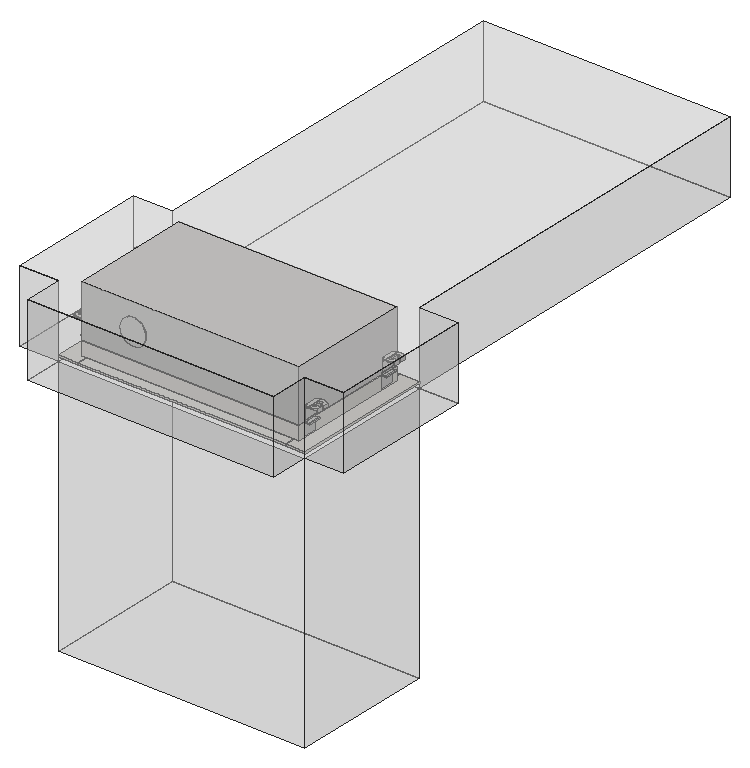
Revit family "outputfile", category 機械設備, Revit 2024
Family settings
  丸型コネクタ寸法 = 半径を使用
  パーツ タイプ = 標準
  OmniClass 番号 = 23.75.10.24.21.27.27
  OmniClass タイトル = Split System Air Conditioning Units
  作業面ベース = いいえ
  常に垂直 = はい
  ロード時にボイドで切り取り = いいえ
  注釈の向きを維持 = いいえ
  共有 = いいえ
  部屋計算ポイント = はい
Parameters (values of type "FXEQ40AV36")
  製造元 = "Daikin"
  書き出し IFC クラス(タイプ) = "IfcUnitaryEquipmentType"
  定義済み IFC タイプ(タイプ) = "AIRCONDITIONINGUNIT"
  モデル = "FXEQ40AV36"
  w_mountinghole = if(Width = 1350 mm, 1303 mm, 903 mm)  # 903 mm
  w_casing = if(Width = 1350 mm, 1240 mm, 840 mm)  # 840 mm
  r_OAduct = OA Duct Size Diameter / 2  # 50 mm
  r_Liquid Pipe Size = Liquid Pipe Size / 2  # 3.2 mm
  r_Gas Pipe Size = Gas Pipe Size / 2  # 6.35 mm
  r_Drain Pipe Size = Drain Pipe Size / 2  # 13.0 mm
  lw_powersuply = w_casing / 2 + 1.5 mm  # 421.5 mm
  lw_gaspipe = w_casing / 2 + 65 mm  # 485 mm
  lw_drainpipe = w_casing / 2 + 32 mm  # 452 mm
  lw_liquidpipe = w_casing / 2 + 55 mm  # 475 mm
  lw_OA = if(Width = 1350 mm, 420 mm, 220 mm)  # 220 mm
  lh_powersuply = 129.2 mm
  lh_liquidpipe = 180 mm
  lh_gaspipe = 138 mm
  lh_drainpipe = 215 mm
  lh_OA = 65 mm
  ld_powersuply = 64.2 mm
  ld_liquidpipe = 26 mm
  ld_gaspipe = 72 mm
  ld_drainpipe = 69 mm
  ld_OA = 235 mm
  h_mountinghole = 115 mm
  h_casing = 255 mm
  h_antenna = h_casing - h_mountinghole + 1 mm  # 141 mm
  d_mountinghole = 371 mm
  d_casing = 470 mm
  Width = 950 mm
  Voltage_comment_50Hz = "220-240"
  Voltage_50Hz = 220 V
  Version = "ver.1.0"
  Unit Type = "Ceiling Mounted Cassette(Single Flow）"
  Unit Mass Weight = 18.00 kg
  Unit Designation [instance] = ""
  Uniclass2015Version = "Products v1.30"
  Uniclass2015Title = "Variable refrigerant flow units"
  Uniclass2015Code = "Pr_70_65_03_94"
  Total Heating Capacity [instance] = 0.000 kW
  Total Cooling Capacity [instance] = 0.000 kW
  Sound Pressure Level_M speed (dBA) = 35
  Sound Pressure Level_L speed (dBA) = 31
  Sound Pressure Level_H speed (dBA) = 38
  Series = "VRV Fan Coil Unit"
  Sensible Cooling Capacity [instance] = 0.000 kW
  Refrigerant Type = "R410A"
  Power Input (Heating) = 0.042 kW
  Power Input (Cooling) = 0.046 kW
  Phase_50Hz = 1
  Option Accessory 3 [instance] = ""
  Option Accessory 2 [instance] = ""
  Option Accessory 1 [instance] = ""
  OA Duct Size Diameter = 100 mm
  Nominal Heating Capacity = 5.000 kW
  Nominal Cooling Capacity = 4.500 kW
  Minimum Circuit Amps_50Hz = 0.5 A
  Minimum Airflow = 372.00 m³/h
  Median Airflow = 468.00 m³/h
  Maximum Fuse Amps_50Hz = 16.0 A
  Maximum Airflow = 588.00 m³/h
  Material_Casing = DAIKIN_GalvanizedSteel_Casing_indoorunit
  Load Classification = HVAC
  Liquid Pipe Size = 6.4 mm
  Link_Nested Family [instance] = ""
  IfcVersion = ""
  IfcExportType = "AIRCONDITIONINGUNIT"
  IfcExportAs = "IfcUnitaryEquipmentType"
  Height = 280 mm
  Heating Entering Wet Bulb Temperature [instance] = 0.00 °C
  Heating Entering Dry Bulb Temperature [instance] = 0.00 °C
  Heating Ambient Wet Bulb Temperature [instance] = 0.00 °C
  Heating Ambient Dry Bulb Temperature [instance] = 0.00 °C
  Heat Exchanger Type = "Cross Fin Coil"
  Gas Pipe Size = 12.7 mm
  Frequency_50Hz = 50 Hz
  Fan Type = "Sirocco Fan"
  Fan Drive = "Direct Drive"
  FCU Tag No. [instance] = ""
  Drain Pipe Size = 26.0 mm
  Design Supply Airflow [instance] = 0.00 m³/h
  Design Outdoor Airflow [instance] = 0.00 m³/h
  Depth = 550 mm
  既定の高さ = 0 mm
  Cooling Entering Wet Bulb Temperature [instance] = 0.00 °C
  Cooling Entering Dry Bulb Temperature [instance] = 0.00 °C
  Cooling Ambient Wet Bulb Temperature [instance] = 0.00 °C
  Cooling Ambient Dry Bulb Temperature [instance] = 0.00 °C
  Clearance visibility [instance] = yes
  Clearance Top = 0 mm
  Clearance Right = 150 mm
  Clearance Rear = 1500 mm
  Clearance Left = 150 mm
  Clearance Front = 150 mm
  Clearance Bottom = 1000 mm
Reference planes
  plane 1 "Center (Front/Back)": y = 0
  plane 2 "ceiling plane": z = 0
  plane 3 "Center (Left/Right)": x = 0
  plane 4 "Back": y = 275
  plane 5 "Front": y = -275
  plane 6 "Left": x = -475
  plane 7 "Right": x = 475
  plane 8 "Top": z = 255
  plane 9 "Bottom": z = -25
  plane 10: x = -420
  plane 11: x = 420
  plane 12: y = 235
  plane 13: y = -235
  plane 14: x = 170
  plane 15: y = 185.5
  plane 16: y = -185.5
  plane 17: x = -451.5
  plane 18: x = 451.5
  plane 19: y = 26
  plane 20: y = 72
  plane 21: y = 69
  plane 22: x = -475
  plane 23: x = -485
  plane 24: x = -452
  plane 25 "Clearance Rear": y = 1775
  plane 26 "Clearance Front": y = -425
  plane 27 "Clearance Left": x = -625
  plane 28 "Clearance Right": x = 625
  plane 29 "Clearance Top": z = 255
  plane 30 "Clearance Bottom": z = -1025
  plane 31: y = -64.2
  plane 32: z = 190
  plane 33: z = 215
  plane 34: y = 69
  plane 35: z = 180
  plane 36: y = 26
  plane 37: z = 138
  plane 38: y = 72
  plane 39: x = -220
Forms (mm)
  Extrusion 1, solid, material "DAIKIN_GalvanizedSteel_Casing_indoorunit" <- "Material_Casing"
    sketch origin (0, 0, 0) x (1, 0, 0) y (0, 1, 0)
      loop
        line (-420, 235) -> (-420, -235) -> (420, -235) -> (420, 235) -> (-420, 235)
    from 55 to 255
  Extrusion 2, solid, material "DAIKIN_GalvanizedSteel_Casing_indoorunit" <- "Material_Casing"
    sketch origin (-1374.64, 235, 1200) x (-1, 0, 0) y (0, 0, 1)
      loop
        circle (-1154.64, -1048) r 50
    from -465 to -470
  Extrusion 3, solid, material "DAIKIN_GalvanizedSteel_Casing_indoorunit" <- "Material_Casing"
    sketch origin (-420, 1296.25, 1200) x (0, 1, 0) y (0, 0, 1)
      loop
        line (-1243.249, -1006) -> (-1211.249, -1006)
        arc (-1211.249, -1006) -> (-1207.714, -1004.536) -> (-1206.249, -1001) r 5
        line (-1206.249, -1001) -> (-1206.249, -969)
        arc (-1206.249, -969) -> (-1207.714, -965.464) -> (-1211.249, -964) r 5
        line (-1211.249, -964) -> (-1243.249, -964)
        arc (-1243.249, -964) -> (-1246.785, -965.464) -> (-1248.249, -969) r 5
        line (-1248.249, -969) -> (-1248.249, -1001)
        arc (-1248.249, -1001) -> (-1246.785, -1004.536) -> (-1243.249, -1006) r 5
    from 0 to -3
  Extrusion 4, solid, material "DAIKIN_GalvanizedSteel_Casing_indoorunit" <- "Material_Casing"
    sketch origin (0, 0, 0) x (1, 0, 0) y (0, 0, 1)
      loop
        line (-438.5, 45) -> (-439.7, 45) -> (-439.7, 30.5)
        arc (-439.7, 30.5) -> (-439.202, 29.298) -> (-438, 28.8) r 1.7
        line (-438, 28.8) -> (-420, 28.8) -> (-420, 30) -> (-438.5, 30) -> (-438.5, 45)
    from 40 to 90
  Extrusion 5, solid, material "DAIKIN_GalvanizedSteel_Casing_indoorunit" <- "Material_Casing"
    sketch origin (0, 0, 0) x (1, 0, 0) y (0, 0, 1)
      loop
        line (-438.5, 31) -> (-437.5, 31) -> (-437.5, 90.772)
        arc (-437.5, 90.772) -> (-437.145, 91.289) -> (-436.535, 91.145) r 0.555
        line (-436.535, 91.145) -> (-428.37, 82.164) -> (-427.63, 82.836) -> (-428.303, 83.576) -> (-435.89, 91.922)
        arc (-435.89, 91.922) -> (-437.541, 92.312) -> (-438.5, 90.913) r 1.5
        line (-438.5, 90.913) -> (-438.5, 31)
    from 40 to 90
  Extrusion 6, solid, material "DAIKIN_GalvanizedSteel_Casing_indoorunit" <- "Material_Casing"
    sketch origin (-420, 1296.25, 1200) x (0, 1, 0) y (0, 0, 1)
      loop
        circle (-1360.45, -1070.8) r 17.5
      loop
        circle (-1415.45, -1105.8) r 17.5
    from 0 to -1.5
  Extrusion 7, solid
    sketch origin (-265.5, 334.5, 0) x (0, 1, 0) y (0, 0, 1)
      loop
        circle (-265.5, 215) r 13
    from -154.5 to -186.5
  Extrusion 8, solid
    sketch origin (-420, 1296.25, 1200) x (0, 1, 0) y (0, 0, 1)
      loop
        circle (-1270.25, -1020) r 3.2
    from 0 to -55
  Extrusion 9, solid
    sketch origin (7, 137, 0) x (0, 1, 0) y (0, 0, 1)
      loop
        circle (-65, 138) r 6.35
    from -427 to -492
  Extrusion 10, solid, material "DAIKIN_GalvanizedSteel_Casing_indoorunit" <- "Material_Casing"
    sketch origin (-420, 1296.25, 1200) x (0, 1, 0) y (0, 0, 1)
      loop
        line (-1239.914, -1060.321) -> (-1240.938, -1060.321)
        arc (-1240.938, -1060.321) -> (-1241.786, -1060.672) -> (-1242.138, -1061.521) r 1.2
        line (-1242.138, -1061.521) -> (-1242.138, -1062.819) -> (-1250.138, -1062.821) -> (-1250.138, -1017.143)
        arc (-1250.138, -1017.143) -> (-1250.43, -1016.436) -> (-1251.138, -1016.143) r 1
        line (-1251.138, -1016.143) -> (-1257.415, -1016.143)
        arc (-1257.415, -1016.143) -> (-1258.122, -1016.436) -> (-1258.415, -1017.143) r 1
        line (-1258.415, -1017.143) -> (-1258.415, -1020)
        arc (-1258.415, -1020) -> (-1270.25, -1031.835) -> (-1282.086, -1020) r 11.835
        line (-1282.086, -1020) -> (-1282.086, -1017.143)
        arc (-1282.086, -1017.143) -> (-1282.379, -1016.436) -> (-1283.086, -1016.143) r 1
        line (-1283.086, -1016.143) -> (-1306.138, -1016.143)
        arc (-1306.138, -1016.143) -> (-1308.259, -1017.022) -> (-1309.138, -1019.143) r 3
        line (-1309.138, -1019.143) -> (-1309.138, -1145) -> (-1189.638, -1145) -> (-1189.638, -1063.321)
        arc (-1189.638, -1063.321) -> (-1190.516, -1061.199) -> (-1192.638, -1060.321) r 3
        line (-1192.638, -1060.321) -> (-1209.75, -1060.321) -> (-1209.75, -1062)
        arc (-1209.75, -1062) -> (-1224.485, -1076.498) -> (-1238.743, -1061.53) r 14.5
        arc (-1238.743, -1061.53) -> (-1239.072, -1060.677) -> (-1239.914, -1060.321) r 1.172
    from 0 to -1
Dimensions and locks
  "Width": plane 6 "Left" to plane 7 "Right"
  "Depth": plane 4 "Back" to plane 5 "Front"
  "Height": plane 8 "Top" to plane 9 "Bottom"
  equal spacing: plane 12, plane 1 "Center (Front/Back)", plane 13
  "d_casing": plane 12 to plane 13
  equal spacing: plane 6 "Left", plane 3 "Center (Left/Right)", plane 7 "Right"
  "w_casing": plane 10 to plane 11
  locked: plane 14 to plane 11 at 250
  "h_casing": plane 8 "Top" to level
  equal spacing: plane 15, plane 1 "Center (Front/Back)", plane 16
  "d_mountinghole": plane 15 to plane 16
  equal spacing: plane 17, plane 3 "Center (Left/Right)", plane 18
  "w_mountinghole": plane 17 to plane 18
  "ld_liquidpipe": plane 1 "Center (Front/Back)" to plane 19
  "ld_gaspipe": plane 1 "Center (Front/Back)" to plane 20
  "ld_drainpipe": plane 1 "Center (Front/Back)" to plane 21
  "Clearance Left": plane 27 "Clearance Left" to plane 6 "Left"
  "Clearance Right": plane 7 "Right" to plane 28 "Clearance Right"
  "Clearance Front": plane 5 "Front" to plane 26 "Clearance Front"
  "Clearance Rear": plane 25 "Clearance Rear" to plane 4 "Back"
  "Clearance Top": plane 29 "Clearance Top" to plane 8 "Top"
  "Clearance Bottom": plane 9 "Bottom" to plane 30 "Clearance Bottom"
  "lh_OA": plane 29 "Clearance Top" to plane 32
  equal spacing: plane 4 "Back", plane 1 "Center (Front/Back)", plane 5 "Front"
  equal spacing: plane 10, plane 3 "Center (Left/Right)", plane 11
  "lw_OA": plane 3 "Center (Left/Right)" to Extrusion 2 sketch curve
  Extrusion 2 sketch curve to level = 152 mm
  locked: plane 10 to Extrusion 4 sketch curve at 18.5
  locked: Extrusion 4 sketch curve to Extrusion 4 sketch curve at 1.2
  locked: Extrusion 4 to Extrusion 5 sketch curve at 1
  "ld_powersuply": plane 31 to plane 1 "Center (Front/Back)"
  "lw_drainpipe": plane 24 to plane 3 "Center (Left/Right)"
  "ld_drainpipe": plane 34 to plane 1 "Center (Front/Back)"
  locked: Extrusion 7 sketch curve to level at 215
  "lw_liquidpipe": plane 22 to plane 3 "Center (Left/Right)"
  "lw_gaspipe": plane 23 to plane 3 "Center (Left/Right)"
  "lw_OA": plane 39 to plane 3 "Center (Left/Right)"
  "r_Drain Pipe Size": radius of Extrusion 7 sketch curve
  "r_Liquid Pipe Size": radius of Extrusion 8 sketch curve
  "r_Gas Pipe Size": radius of Extrusion 9 sketch curve
  aligned and locked: level to plane 2 "ceiling plane"
  aligned and locked: plane 6 "Left" to nested 1
  aligned and locked: plane 9 "Bottom" to nested 1
  aligned and locked: Extrusion 1 sketch curve to plane 10
  aligned and locked: plane 12 to Extrusion 1 sketch curve
  aligned and locked: Extrusion 1 sketch curve to plane 13
  aligned and locked: plane 11 to Extrusion 1 sketch curve
  aligned and locked: plane 8 "Top" to Extrusion 1
  aligned and locked: plane 11 to nested 2
  aligned and locked: plane 10 to nested 3
  aligned and locked: nested 7 to plane 15
  aligned and locked: plane 18 to nested 7
  aligned and locked: nested 6 to plane 16
  aligned and locked: plane 18 to nested 6
  aligned and locked: nested 4 to plane 15
  aligned and locked: plane 17 to nested 4
  aligned and locked: nested 5 to plane 16
  aligned and locked: plane 17 to nested 5
  aligned and locked: plane 1 "Center (Front/Back)" to nested 8
  aligned and locked: plane 3 "Center (Left/Right)" to nested 8
  aligned and locked: plane 29 "Clearance Top" to nested 8
  aligned and locked: plane 1 "Center (Front/Back)" to nested 1
  aligned and locked: plane 3 "Center (Left/Right)" to nested 1
  aligned and locked: nested 3 to plane 15
  aligned and locked: nested 9 to plane 16
  aligned and locked: plane 10 to nested 9
  aligned and locked: plane 15 to nested 2
  aligned and locked: plane 16 to nested 10
  aligned and locked: plane 11 to nested 10
  aligned and locked: Extrusion 2 to plane 13
  aligned and locked: Extrusion 4 sketch curve to plane 10
  aligned and locked: Extrusion 4 to Extrusion 5 sketch curve
  aligned and locked: plane 3 "Center (Left/Right)" to nested 11
  aligned and locked: nested 12 to plane 3 "Center (Left/Right)"
  aligned and locked: plane 34 to Extrusion 7 sketch curve
  aligned and locked: Extrusion 7 to plane 24
  aligned and locked: plane 10 to Extrusion 7
  aligned and locked: nested 13 to plane 19
  aligned and locked: nested 13 to plane 3 "Center (Left/Right)"
  aligned and locked: plane 35 to Extrusion 8 sketch curve
  aligned and locked: plane 36 to Extrusion 8 sketch curve
  aligned and locked: Extrusion 8 to plane 22
  aligned and locked: nested 14 to plane 3 "Center (Left/Right)"
  aligned and locked: plane 37 to Extrusion 9 sketch curve
  aligned and locked: plane 38 to Extrusion 9 sketch curve
  aligned and locked: Extrusion 9 to plane 23
  aligned and locked: plane 10 to Extrusion 9
  aligned and locked: plane 39 to nested 15
  aligned and locked: plane 1 "Center (Front/Back)" to nested 15
Automatic sketch dimensions
  Extrusion 3 sketch curve to plane 1 "Center (Front/Back)" = 48.001 mm
  Extrusion 3 sketch curve to Extrusion 3 sketch curve = 5 mm  (x3)
  plane 32 to Extrusion 3 sketch curve = 4 mm
  Extrusion 3 sketch curve to Extrusion 3 sketch curve = 32 mm
  Extrusion 3 sketch curve to Extrusion 3 sketch curve = 0 mm
  Extrusion 3 sketch curve to plane 8 "Top" = 24 mm
  plane 17 to Extrusion 4 sketch curve = 13.5 mm
  level to Extrusion 4 sketch curve = 28.8 mm
  Extrusion 4 sketch curve to Extrusion 4 sketch curve = 0.5 mm
  Extrusion 4 sketch curve to Extrusion 4 sketch curve = 14.5 mm
  Extrusion 5 sketch curve to Extrusion 5 sketch curve = 0.5 mm
  Extrusion 5 sketch curve to Extrusion 5 sketch curve = 0.055 mm
  Extrusion 5 sketch curve to Extrusion 5 sketch curve = 0.465 mm
  Extrusion 5 sketch curve to Extrusion 5 sketch curve = 0.645 mm
  Extrusion 5 sketch curve to plane 10 = 8.37 mm
  Extrusion 5 sketch curve to Extrusion 5 sketch curve = 0.067 mm
  Extrusion 5 sketch curve to Extrusion 5 sketch curve = 0.673 mm  (x2)
  level to Extrusion 5 sketch curve = 31 mm
  Extrusion 5 sketch curve to Extrusion 5 sketch curve = 51.164 mm
  Extrusion 5 sketch curve to Extrusion 5 sketch curve = 0.74 mm
  Extrusion 5 sketch curve to Extrusion 5 sketch curve = 0.141 mm
  Extrusion 10 sketch curve to plane 19 = 0 mm
  Extrusion 10 sketch curve to plane 20 = 0 mm
  Extrusion 10 sketch curve to Extrusion 10 sketch curve = 11.835 mm
  Extrusion 10 sketch curve to Extrusion 10 sketch curve = 1 mm  (x2)
  Extrusion 10 sketch curve to plane 32 = 6.143 mm
  plane 1 "Center (Front/Back)" to Extrusion 10 sketch curve = 9.887 mm
  plane 1 "Center (Front/Back)" to Extrusion 10 sketch curve = 12.887 mm
  Extrusion 10 sketch curve to Extrusion 10 sketch curve = 6.277 mm
  plane 19 to Extrusion 10 sketch curve = 20.113 mm
  Extrusion 10 sketch curve to Extrusion 10 sketch curve = 8 mm
  Extrusion 10 sketch curve to Extrusion 10 sketch curve = 1.2 mm
  Extrusion 10 sketch curve to Extrusion 10 sketch curve = 1.024 mm
  Extrusion 10 sketch curve to Extrusion 10 sketch curve = 0 mm  (x3)
  plane 20 to Extrusion 10 sketch curve = 14.5 mm
  Extrusion 10 sketch curve to Extrusion 10 sketch curve = 17.113 mm
  Extrusion 10 sketch curve to Extrusion 10 sketch curve = 3 mm
  Extrusion 10 sketch curve to plane 32 = 10 mm
  Extrusion 10 sketch curve to Extrusion 10 sketch curve = 40.321 mm
  Extrusion 10 sketch curve to Extrusion 10 sketch curve = 1.172 mm
  Extrusion 10 sketch curve to Extrusion 10 sketch curve = 1.679 mm
  Extrusion 10 sketch curve to Extrusion 10 sketch curve = 1.298 mm
  Extrusion 10 sketch curve to Extrusion 10 sketch curve = 0.002 mm
  level to Extrusion 10 sketch curve = 55 mm
  Extrusion 10 sketch curve to Extrusion 10 sketch curve = 2.857 mm
  radius of Extrusion 2 sketch curve = 50 mm
Nested families
  nested 1: "daikin_round flow_panel" at (0, 0, 0), type "fresh white"
  nested 2: "daikin_hangerfixture_FXEQ-AV36" at (420, 185.5, 115) x (0, 1, 0) z (0, 0, 1), built-in parameter 1001364 <- "h_mountinghole", type "daikin_hangerfixture_FXEQ-AV36"
  nested 3: "daikin_hangerfixture_FXEQ-AV36" at (-420, 185.5, 115) x (0, 1, 0) z (0, 0, 1), built-in parameter 1001364 <- "h_mountinghole", type "daikin_hangerfixture_FXEQ-AV36"
  nested 4: "daikin_mountinghole" at (-451.5, 185.5, 0), l_antenna <- "h_antenna", Link_Nested Family <- "Link_Nested Family", h_mountinghole <- "h_mountinghole", type "daikin_mountinghole"
    with show yes, l_antenna 141 mm, h_mountinghole 115 mm, Link_Nested Family ""
  nested 5: "daikin_mountinghole" at (-451.5, -185.5, 0), l_antenna <- "h_antenna", Link_Nested Family <- "Link_Nested Family", h_mountinghole <- "h_mountinghole", type "daikin_mountinghole"
    with show yes, l_antenna 141 mm, h_mountinghole 115 mm, Link_Nested Family ""
  nested 6: "daikin_mountinghole" at (451.5, -185.5, 0), l_antenna <- "h_antenna", Link_Nested Family <- "Link_Nested Family", h_mountinghole <- "h_mountinghole", type "daikin_mountinghole"
    with show yes, l_antenna 141 mm, h_mountinghole 115 mm, Link_Nested Family ""
  nested 7: "daikin_mountinghole" at (451.5, 185.5, 0), l_antenna <- "h_antenna", Link_Nested Family <- "Link_Nested Family", h_mountinghole <- "h_mountinghole", type "daikin_mountinghole"
    with show yes, l_antenna 141 mm, h_mountinghole 115 mm, Link_Nested Family ""
  nested 8: "daikin_clearancespace_cassette" at (0, 0, 115), depth_outline <- "Depth", height_outline <- "Height", width_outline <- "Width", depth_front <- "Clearance Front", depth_rear <- "Clearance Rear", height_bottom <- "Clearance Bottom", height_top <- "Clearance Top", width_left <- "Clearance Left", width_right <- "Clearance Right", show <- "Clearance visibility", visible <- "Clearance visibility", Link_Nested Family <- "Link_Nested Family", type "daikin_clearancespace_cassette"
    with width_right 150 mm, width_outline 950 mm, width_left 150 mm, width 1823.963 mm, show yes, height_top 0 mm, height_outline 280 mm, height_bottom 1000 mm, height 1359.762 mm, depth_rear 1500 mm, depth_outline 550 mm, depth_front 150 mm, depth 880 mm, Link_Nested Family ""
  nested 9: "daikin_hangerfixture_FXEQ-AV36" at (-420, -185.5, 115) x (0, 1, 0) z (0, 0, 1), built-in parameter 1001364 <- "h_mountinghole", type "daikin_hangerfixture_FXEQ-AV36"
  nested 10: "daikin_hangerfixture_FXEQ-AV36" at (420, -185.5, 115) x (0, 1, 0) z (0, 0, 1), built-in parameter 1001364 <- "h_mountinghole", type "daikin_hangerfixture_FXEQ-AV36"
  nested 11: "daikin_connector_rotate2" at (0, -64.2, 129.2) x (0, 1, 0) z (0, 0, 1), length <- "lw_powersuply", built-in parameter 1001364 <- "lh_powersuply", type "daikin_connector_rotate2"
    with radius 10 mm, length 421.5 mm, angle_vertical 90.00°
  nested 12: "daikin_connector_rotate2" at (0, 69, 215) x (0, -1, 0) z (0, 0, 1), built-in parameter 1001364 <- "lh_drainpipe", radius <- "r_Drain Pipe Size", length <- "lw_drainpipe", type "daikin_connector_rotate2"
    with radius 13 mm, length 452 mm, angle_vertical 90.00°
  nested 13: "daikin_connector_rotate2" at (0, 26, 180) x (0, -1, 0) z (0, 0, 1), built-in parameter 1001364 <- "lh_liquidpipe", radius <- "r_Liquid Pipe Size", length <- "lw_liquidpipe", type "daikin_connector_rotate2"
    with radius 3.2 mm, length 475 mm, angle_vertical 90.00°
  nested 14: "daikin_connector_rotate2" at (0, 72, 138) x (0, -1, 0) z (0, 0, 1), built-in parameter 1001364 <- "lh_gaspipe", radius <- "r_Gas Pipe Size", length <- "lw_gaspipe", type "daikin_connector_rotate2"
    with radius 6.35 mm, length 485 mm, angle_vertical 90.00°
  nested 15: "daikin_connector_rotate2" at (-220, 0, 152), radius <- "r_OAduct", length <- "ld_OA", type "daikin_connector_rotate2"
    with radius 50 mm, length 235 mm, angle_vertical 90.00°
Connectors
  electrical at (-421.5, -64.2, 129.2), driven by "Load Classification"
    settings: on nested 11, index 6, voltage 0 V, apparent load 0 VA, apparent load phase1 0 VA, apparent load phase2 0 VA, apparent load phase3 0 VA, power factor 1, load classification "HVAC", number of poles 1, system type 30, power factor state 1, is connector primary yes, connector utility no, sub classification motor no, connector description "Power Supply"
  piping at (-452, 69, 215), diameter 26, driven by "r_Drain Pipe Size"
    settings: on nested 12, index 7, connector inside diameter 609.6 mm, connector length 0 mm, flow factor 0, pipe flow 0.00 m³/h, pressure drop 0.0 Pa, fitting loss kfactor 0, connector angle 0.00°, fixture units 0, engagement length 0 mm, angle of deflection 0.00°, flow configuration 1, flow direction 2, fitting loss method 4, system type 16, joint type 0, gender type 0, connector reference index -1, connector utility 0, adjustable connector no, is connector primary yes, connector description "Condensate Drain Piping"
  piping at (-475, 26, 180), diameter 6.4, driven by "r_Liquid Pipe Size"
    settings: on nested 13, index 8, connector inside diameter 609.6 mm, connector length 0 mm, flow factor 0, pipe flow 0.00 m³/h, pressure drop 0.0 Pa, fitting loss kfactor 0, connector angle 0.00°, fixture units 0, engagement length 0 mm, angle of deflection 0.00°, flow configuration 1, flow direction 1, fitting loss method 0, system type 29, joint type 0, gender type 0, connector reference index -1, connector utility 0, adjustable connector no, is connector primary no, connector description "Refrigerant Liquid Piping"
  hvac at (-220, -235, 152), driven by "r_OAduct"
    settings: on Extrusion 2, index 9, duct flow 0.00 m³/h, flow factor 0, pres drop 0.00 Pa, loss coef 0, conn angle 0.00°, conn width 304.8 mm, conn height 304.8 mm, conn diameter 100.0 mm, duct sys type 1, conn prof type 0, flow config 0, flow direction 1, loss method 4, conn ref index -1, conn util no, is conn primary yes, conn desc "OA Duct"
  piping at (-485, 72, 138), diameter 12.7, driven by "r_Gas Pipe Size"
    settings: on nested 14, index 10, connector inside diameter 609.6 mm, connector length 0 mm, flow factor 0, pipe flow 0.00 m³/h, pressure drop 0.0 Pa, fitting loss kfactor 0, connector angle 0.00°, fixture units 0, engagement length 0 mm, angle of deflection 0.00°, flow configuration 1, flow direction 2, fitting loss method 0, system type 29, joint type 0, gender type 0, connector reference index -1, connector utility 0, adjustable connector no, is connector primary no, connector description "Refrigerant Gas Piping"
Definition of nested family "daikin_round flow_panel"
  Parameters (values of type "fresh white")
    width = if(W = 950 mm, 950 mm, 1350 mm)  # 950 mm
    w_casing = width - 110 mm  # 840 mm
    material_panel = none
    material_casing = none
    height = 50 mm
    depth = 550 mm  # constant formula
    d_casing = 470 mm  # constant formula
    W = 950 mm
    Default Elevation = 0 mm
    L = if(W = 950 mm, 170 mm, 208 mm)  # 170 mm
  Reference planes
    plane 1 "Center (Front/Back)": y = 0
    plane 2: z = 0
    plane 3 "Center (Left/Right)": x = 0
    plane 4: y = 275
    plane 5: y = -275
    plane 6: x = -475
    plane 7: x = 475
    plane 8 "Bottom": z = -25
    plane 9: y = 235
    plane 10: y = -235
    plane 11: x = -420
    plane 12: x = 420
    plane 13: z = 50
    plane 14: x = -305
  Forms (mm)
    Extrusion 1, solid, material <- "material_panel"
      sketch origin (0, 0, 0) x (1, 0, 0) y (0, 0, 1)
        loop
          line (-400, -25) -> (-400, 0) -> (-475, 0) -> (-475, -8.325)
          arc (-475, -8.325) -> (-438.157, -19.618) -> (-400, -25) r 245.193
        loop
          arc (400, -25) -> (438.157, -19.618) -> (475, -8.325) r 245.193
          line (475, -8.325) -> (475, 0) -> (400, 0) -> (400, -25)
      from -275 to 275
    Extrusion 2, solid, material <- "material_panel"
      sketch origin (0, 0, 0) x (1, 0, 0) y (0, 0, 1)
        loop
          line (-400, 0) -> (-400, -17.308) -> (400, -17.303) -> (400, 0) -> (-400, 0)
      from 235 to 275
    Extrusion 3, solid, material <- "material_panel"
      sketch origin (0, 510, 0) x (1, 0, 0) y (0, 0, 1)
        loop
          line (-400, 0) -> (-400, -17.308) -> (400, -17.303) -> (400, 0) -> (-400, 0)
      from 235 to 275
    Extrusion 4, solid, material <- "material_panel"
      sketch origin (0, 0, 0) x (1, 0, 0) y (0, 0, 1)
        loop
          line (-400, 0) -> (-400, -23) -> (400, -23) -> (400, 0) -> (-400, 0)
      from 5 to 235
    Extrusion 5, solid, material <- "material_panel"
      sketch origin (0, 0, 0) x (1, 0, 0) y (0, 0, 1)
        loop
          line (-400, 0) -> (-400, -25) -> (400, -25) -> (400, 0) -> (-400, 0)
      from 5 to -150
    Extrusion 6, solid, material <- "material_panel"
      sketch origin (0, 0, 0) x (1, 0, 0) y (0, 1, 0)
        loop
          line (-400, 235) -> (-400, 179) -> (-305, 179) -> (-305, 235) -> (-400, 235)
      from 0 to -17.308
    Extrusion 7, solid, material <- "material_panel"
      sketch origin (0, 0, 0) x (1, 0, 0) y (0, 1, 0)
        loop
          line (-400, 179) -> (-400, 150) -> (-305, 150) -> (-305, 179) -> (-400, 179)
      from 0 to -17.3
    Extrusion 8, solid, material <- "material_panel"
      sketch origin (0, 0, 0) x (1, 0, 0) y (0, 1, 0)
        loop
          line (-305, 235) -> (-305, 202.5) -> (400, 202.5) -> (400, 235) -> (-305, 235)
      from 0 to -17.3
    Extrusion 9, solid, material <- "material_panel"
      sketch origin (0, 0, 0) x (1, 0, 0) y (0, 1, 0)
        loop
          line (-305, 202.5) -> (-305, 179) -> (400, 179) -> (400, 202.5) -> (-305, 202.5)
      from 0 to -17.3
    Extrusion 10, solid, material <- "material_panel"
      sketch origin (0, 0, 0) x (1, 0, 0) y (0, 1, 0)
        loop
          line (-420, 235) -> (-420, -235) -> (420, -235) -> (420, 235) -> (-420, 235)
      from 0 to 50
    Extrusion 11, void
      sketch origin (0, 0, 0) x (0, 1, 0) y (0, 0, 1)
        loop
          line (-275, -7.476) -> (-275, -25) -> (-152.477, -25)
          arc (-152.477, -25) -> (-214.362, -20.597) -> (-275, -7.476) r 437.093
        loop
          arc (275, -7.476) -> (214.362, -20.597) -> (152.477, -25) r 437.093
          line (152.477, -25) -> (275, -25) -> (275, -7.476)
      from 475 to -475
  Cuts and joins
    Extrusion 11 cuts Extrusion 2
    Extrusion 11 cuts Extrusion 3
    Extrusion 11 cuts Extrusion 4
    Extrusion 11 cuts Extrusion 1
  Dimensions and locks
    "width": plane 6 to plane 7
    "depth": plane 4 to plane 5
    equal spacing: plane 6, plane 3 "Center (Left/Right)", plane 7
    equal spacing: plane 4, plane 1 "Center (Front/Back)", plane 5
    equal spacing: plane 9, plane 1 "Center (Front/Back)", plane 10
    "d_casing": plane 9 to plane 10
    equal spacing: plane 11, plane 3 "Center (Left/Right)", plane 12
    "w_casing": plane 11 to plane 12
    locked: level to plane 8 "Bottom" at 25
    "height": plane 13 to level
    locked: Extrusion 1 sketch curve to Extrusion 1 sketch curve at 75  (x2)
    locked: plane 9 to Extrusion 6 sketch curve at 56
    "L": plane 6 to plane 14
    aligned and locked: level to plane 2
    aligned and locked: Extrusion 1 sketch curve to level
    aligned and locked: level to Extrusion 1 sketch curve
    aligned and locked: plane 4 to Extrusion 1
    aligned and locked: Extrusion 1 to plane 5
    aligned and locked: Extrusion 1 to plane 6
    aligned and locked: plane 7 to Extrusion 1
    aligned and locked: Extrusion 2 sketch curve to level
    aligned and locked: Extrusion 1 to Extrusion 2 sketch curve
    aligned and locked: Extrusion 2 sketch curve to Extrusion 1
    aligned and locked: plane 4 to Extrusion 3
    aligned and locked: Extrusion 3 to plane 9
    aligned and locked: Extrusion 4 sketch curve to Extrusion 1
    aligned and locked: Extrusion 1 to Extrusion 4 sketch curve
    aligned and locked: Extrusion 4 to plane 10
    aligned and locked: Extrusion 5 sketch curve to level
    aligned and locked: plane 8 "Bottom" to Extrusion 5 sketch curve
    aligned and locked: Extrusion 5 sketch curve to Extrusion 1  (x2)
    aligned and locked: Extrusion 6 sketch curve to plane 9
    aligned and locked: Extrusion 1 to Extrusion 7 sketch curve
    aligned and locked: Extrusion 7 sketch curve to plane 14
    aligned and locked: Extrusion 6 to Extrusion 7 sketch curve
    aligned and locked: Extrusion 5 to Extrusion 7 sketch curve
    aligned and locked: Extrusion 8 sketch curve to plane 9
    aligned and locked: plane 14 to Extrusion 8 sketch curve
    aligned and locked: Extrusion 1 to Extrusion 8 sketch curve
    aligned and locked: plane 14 to Extrusion 9 sketch curve
    aligned and locked: Extrusion 9 sketch curve to Extrusion 8
    aligned and locked: Extrusion 9 sketch curve to Extrusion 7
    aligned and locked: Extrusion 1 to Extrusion 9 sketch curve
    aligned and locked: plane 14 to Extrusion 6
    aligned and locked: plane 11 to Extrusion 10 sketch curve
    aligned and locked: Extrusion 10 sketch curve to plane 12
    aligned and locked: plane 10 to Extrusion 10 sketch curve
    aligned and locked: Extrusion 10 sketch curve to plane 9
    aligned and locked: plane 13 to Extrusion 10
    aligned and locked: plane 8 "Bottom" to Extrusion 1 sketch curve  (x2)
    aligned and locked: Extrusion 11 sketch curve to plane 8 "Bottom"
    aligned and locked: Extrusion 11 sketch curve to plane 5
    aligned and locked: plane 7 to Extrusion 11
    aligned and locked: Extrusion 11 to plane 6
  Automatic sketch dimensions
    Extrusion 1 sketch curve to plane 6 = 0 mm
    Extrusion 1 sketch curve to plane 7 = 0 mm
    plane 11 to Extrusion 1 sketch curve = 35.058 mm
    Extrusion 1 sketch curve to plane 12 = 35.058 mm
    Extrusion 1 sketch curve to level = 8.325 mm  (x2)
    plane 8 "Bottom" to Extrusion 2 sketch curve = 7.697 mm
    plane 8 "Bottom" to Extrusion 2 sketch curve = 7.692 mm
    Extrusion 3 sketch curve to level = 0 mm
    plane 8 "Bottom" to Extrusion 3 sketch curve = 7.692 mm
    plane 11 to Extrusion 3 sketch curve = 20 mm
    plane 8 "Bottom" to Extrusion 3 sketch curve = 7.697 mm
    Extrusion 3 sketch curve to plane 12 = 20 mm
    Extrusion 4 sketch curve to level = 0 mm
    plane 8 "Bottom" to Extrusion 4 sketch curve = 2 mm
    plane 11 to Extrusion 6 sketch curve = 20 mm
    Extrusion 6 sketch curve to Extrusion 6 sketch curve = 95 mm
    Extrusion 8 sketch curve to plane 9 = 32.5 mm
    Extrusion 11 sketch curve to plane 8 "Bottom" = 0 mm
    Extrusion 11 sketch curve to plane 4 = 0 mm
    plane 10 to Extrusion 11 sketch curve = 82.523 mm
    Extrusion 11 sketch curve to plane 9 = 82.523 mm
    Extrusion 11 sketch curve to level = 7.476 mm  (x2)
Definition of nested family "daikin_hangerfixture_FXEQ-AV36"
  Parameters (values of type "daikin_hangerfixture_FXEQ-AV36")
    width = 495 mm
    material = none
    height = 40 mm
    depth = 40 mm
    Default Elevation = 0 mm
  Reference planes
    plane 1 "Center (Front/Back)": y = 0
    plane 2: z = 0
    plane 3 "Center (Left/Right)": x = 0
  Forms (mm)
    Extrusion 1, solid, material <- "material"
      sketch origin (0, 0, 0) x (0, 1, 0) y (0, 0, 1)
        loop
          line (-49.5, -1.6) -> (-17, -1.6) -> (-14, -4.6) -> (-4.6, -4.6) -> (-4.6, -51.598) -> (-1.601, -54.597) -> (-1.6, -60) -> (-17, -60) -> (-17, -61.598) -> (0, -61.598) -> (0, 0) -> (-51.1, 0) -> (-51.1, -11.6) -> (-49.5, -11.6) -> (-49.5, -1.6)
      from -32.001 to 31.999
    Extrusion 2, void
      sketch origin (0, 0, 0) x (1, 0, 0) y (0, 1, 0)
        loop
          arc (-12.501, -25.5) -> (-18.501, -31.5) -> (-12.501, -37.5) r 6
          line (-12.501, -37.5) -> (-6.501, -37.5) -> (-6.501, -51.1) -> (6.499, -51.1) -> (6.499, -37.5) -> (12.499, -37.5)
          arc (12.499, -37.5) -> (18.499, -31.5) -> (12.499, -25.5) r 6
          line (12.499, -25.5) -> (-12.501, -25.5)
        loop
          line (-25.001, 0) -> (-32.001, 0) -> (-32.001, -14) -> (-25.001, -7.5) -> (-25.001, 0)
        loop
          line (24.999, 0) -> (24.999, -7.5) -> (31.999, -14) -> (31.999, 0) -> (24.999, 0)
        loop
          line (22.999, -49.5) -> (22.999, -51.1) -> (31.999, -51.1) -> (31.999, -28.715)
          arc (31.999, -28.715) -> (29.652, -40.04) -> (22.999, -49.5) r 28.5
        loop
          line (-32.001, -28.715) -> (-32.001, -51.1) -> (-23.001, -51.1) -> (-23.001, -49.5)
          arc (-23.001, -49.5) -> (-29.654, -40.04) -> (-32.001, -28.715) r 28.5
      from -61.6 to 0
    Extrusion 3, solid, material <- "material"
      sketch origin (0, 0, 0) x (0, 1, 0) y (0, 0, 1)
        loop
          line (0, -61.598) -> (-20, -61.598) -> (-20, -63.198) -> (-1.6, -63.198) -> (-1.6, -107.598) -> (0, -107.598) -> (0, -61.598)
      from -24.998 to 25.002
    Extrusion 4, void
      sketch origin (0, 0, 0) x (1, 0, 0) y (0, 0, 1)
        loop
          line (24.999, -59.998) -> (24.999, -61.598) -> (31.999, -61.598) -> (31.999, -59.998) -> (24.999, -59.998)
        loop
          line (-25.001, -59.998) -> (-32.001, -59.998) -> (-32.001, -61.598) -> (-25.001, -61.598) -> (-25.001, -59.998)
      from 0 to 17
  Cuts and joins
    Extrusion 2, Extrusion 4 cuts Extrusion 1
  Dimensions and locks
    aligned and locked: level to plane 2
    aligned and locked: level to Extrusion 2
  Automatic sketch dimensions
    Extrusion 1 sketch curve to level = 0 mm
    Extrusion 1 sketch curve to plane 1 "Center (Front/Back)" = 0 mm
    plane 1 "Center (Front/Back)" to Extrusion 1 sketch curve = 1.6 mm
    plane 1 "Center (Front/Back)" to Extrusion 1 sketch curve = 1.601 mm
    Extrusion 1 sketch curve to Extrusion 1 sketch curve = 2.999 mm  (x2)
    Extrusion 1 sketch curve to level = 4.6 mm
    Extrusion 1 sketch curve to Extrusion 1 sketch curve = 9.4 mm
    Extrusion 1 sketch curve to Extrusion 1 sketch curve = 15.4 mm
    Extrusion 1 sketch curve to level = 1.6 mm
    Extrusion 1 sketch curve to Extrusion 1 sketch curve = 3 mm
    Extrusion 1 sketch curve to Extrusion 1 sketch curve = 32.5 mm
    Extrusion 1 sketch curve to Extrusion 1 sketch curve = 1.6 mm
    Extrusion 1 sketch curve to Extrusion 1 sketch curve = 10 mm
    Extrusion 1 sketch curve to Extrusion 1 sketch curve = 46.998 mm
    Extrusion 1 sketch curve to Extrusion 1 sketch curve = 5.403 mm
    Extrusion 1 sketch curve to Extrusion 1 sketch curve = 1.598 mm
    plane 1 "Center (Front/Back)" to Extrusion 2 sketch curve = 0 mm  (x2)
    Extrusion 2 sketch curve to plane 3 "Center (Left/Right)" = 32.001 mm
    Extrusion 2 sketch curve to Extrusion 2 sketch curve = 0 mm
    plane 1 "Center (Front/Back)" to Extrusion 2 sketch curve = 7.5 mm  (x2)
    Extrusion 2 sketch curve to Extrusion 2 sketch curve = 7 mm  (x2)
    Extrusion 2 sketch curve to Extrusion 2 sketch curve = 9 mm  (x3)
    Extrusion 2 sketch curve to plane 3 "Center (Left/Right)" = 12.501 mm
    Extrusion 2 sketch curve to plane 3 "Center (Left/Right)" = 6.501 mm
    Extrusion 2 sketch curve to plane 3 "Center (Left/Right)" = 3.501 mm
    plane 3 "Center (Left/Right)" to Extrusion 2 sketch curve = 3.499 mm
    plane 3 "Center (Left/Right)" to Extrusion 2 sketch curve = 6.499 mm
    plane 3 "Center (Left/Right)" to Extrusion 2 sketch curve = 24.999 mm
    Extrusion 2 sketch curve to Extrusion 2 sketch curve = 6.5 mm  (x2)
    Extrusion 2 sketch curve to Extrusion 2 sketch curve = 18 mm
    Extrusion 2 sketch curve to Extrusion 2 sketch curve = 3.215 mm
    Extrusion 2 sketch curve to Extrusion 2 sketch curve = 14.715 mm
    Extrusion 2 sketch curve to Extrusion 2 sketch curve = 6 mm  (x2)
    Extrusion 2 sketch curve to Extrusion 2 sketch curve = 12 mm
    Extrusion 2 sketch curve to Extrusion 2 sketch curve = 13.6 mm
    Extrusion 2 sketch curve to Extrusion 2 sketch curve = 1.6 mm  (x2)
    Extrusion 3 sketch curve to Extrusion 3 sketch curve = 1.6 mm
    Extrusion 3 sketch curve to Extrusion 3 sketch curve = 18.4 mm
    Extrusion 3 sketch curve to plane 1 "Center (Front/Back)" = 0 mm
    plane 1 "Center (Front/Back)" to Extrusion 3 sketch curve = 1.6 mm
    Extrusion 3 sketch curve to Extrusion 3 sketch curve = 44.4 mm
    Extrusion 3 sketch curve to level = 61.598 mm
    Extrusion 4 sketch curve to plane 3 "Center (Left/Right)" = 32.001 mm
    Extrusion 4 sketch curve to Extrusion 4 sketch curve = 7 mm  (x2)
    plane 3 "Center (Left/Right)" to Extrusion 4 sketch curve = 24.999 mm
    Extrusion 4 sketch curve to level = 61.598 mm
    Extrusion 4 sketch curve to Extrusion 4 sketch curve = 0 mm
    Extrusion 4 sketch curve to Extrusion 4 sketch curve = 1.6 mm  (x2)
Definition of nested family "daikin_clearancespace_cassette"
  Parameters (values of type "daikin_clearancespace_cassette")
    Description = "daikin_clearancespace"
    width_right [instance] = 260 mm
    width_outline [instance] = 1303.963 mm
    width_left [instance] = 260 mm
    width [instance] = 1823.963 mm
    show [instance] = yes
    material = none
    height_top [instance] = 299.643 mm
    height_outline [instance] = 760.238 mm
    height_bottom [instance] = 299.881 mm
    height [instance] = 1359.762 mm
    depth_rear [instance] = 200 mm
    depth_outline [instance] = 480 mm
    depth_front [instance] = 200 mm
    depth [instance] = 880 mm
    Default Elevation = 0 mm
    Link_Nested Family [instance] = ""
  Reference planes
    plane 1 "Center (Front/Back)": y = 0
    plane 2 "Center (Elevation)": z = -0.119
    plane 3 "Center (Left/Right)": x = 0
    plane 4: y = 440
    plane 5: y = -440
    plane 6 "Right": x = 911.982
    plane 7 "Left": x = -911.982
    plane 8 "Top": z = 679.762
    plane 9 "Bottom": z = -680
    plane 10: y = 240
    plane 11: y = -240
    plane 12 "left_outline": x = -651.982
    plane 13 "right_outline": x = 651.982
    plane 14 "top_outline": z = 380.119
    plane 15 "bottom_outline": z = -380.119
  Forms (mm)
    Extrusion 1, solid, material <- "material", visible <- "show"
      sketch origin (0, 0, 0) x (1, 0, 0) y (0, 1, 0)
        loop
          line (-651.982, 440) -> (-651.982, 240) -> (-911.982, 240) -> (-911.982, -240) -> (-651.982, -240) -> (-651.982, -440) -> (651.982, -440) -> (651.982, -240) -> (911.982, -240) -> (911.982, 240) -> (651.982, 240) -> (651.982, 440) -> (-651.982, 440)
      from -380.119 to 380.119
    Extrusion 2, solid, material <- "material", visible <- "show"
      sketch origin (0, 0, 0) x (1, 0, 0) y (0, 1, 0)
        loop
          line (-651.982, 240) -> (-651.982, -240) -> (651.982, -240) -> (651.982, 240) -> (-651.982, 240)
      from -680 to 679.762
  Cuts and joins
    joined: Extrusion 1, Extrusion 2
  Lines and regions (mm)
    symbolic lines, visible <- "show"
      curve 1: line (651.982, 440, 0) -> (-651.982, 440, 0)
      curve 2: line (-911.982, 240, 0) -> (-911.982, -240, 0)
      curve 3: line (-651.982, -440, 0) -> (651.982, -440, 0)
      curve 4: line (911.982, -240, 0) -> (911.982, 240, 0)
      curve 5: line (-651.982, 0, 380.119) -> (-911.982, 0, 380.119)
      curve 6: line (911.982, 0, -380.119) -> (911.982, 0, 380.119)
      curve 7: line (-911.982, 0, 380.119) -> (-911.982, 0, -380.119)
      curve 8: line (0, 440, 380.119) -> (0, 240, 380.119)
      curve 9: line (0, -440, 380.119) -> (0, -440, -380.119)
      curve 10: line (0, 440, -380.119) -> (0, 440, 380.119)
      curve 11: line (0, 240, -380.119) -> (0, 440, -380.119)
      curve 12: line (-651.982, 240, 0) -> (-911.982, 240, 0)
      curve 13: line (-651.982, 440, 0) -> (-651.982, 240, 0)
      curve 14: line (651.982, 240, 0) -> (651.982, 440, 0)
      curve 15: line (911.982, 240, 0) -> (651.982, 240, 0)
      curve 16: line (651.982, -240, 0) -> (911.982, -240, 0)
      curve 17: line (651.982, -440, 0) -> (651.982, -240, 0)
      curve 18: line (-651.982, -240, 0) -> (-651.982, -440, 0)
      curve 19: line (-911.982, -240, 0) -> (-651.982, -240, 0)
      curve 20: line (651.982, 0, -680) -> (651.982, 0, 679.762)
      curve 21: line (-651.982, 0, 679.762) -> (-651.982, 0, -680)
      curve 22: line (0, -240, 679.762) -> (0, -240, -680)
      curve 23: line (0, 240, -680) -> (0, 240, 679.762)
    symbolic lines
      curve 24: line (-651.982, 0, -680) -> (651.982, 0, -680)
      curve 25: line (-651.982, 0, -380.119) -> (-911.982, 0, -380.119)
      curve 26: line (911.982, 0, -380.119) -> (651.982, 0, -380.119)
      curve 27: line (0, -240, -680) -> (0, 240, -680)
      curve 28: line (0, -440, -380.119) -> (0, -240, -380.119)
      curve 29: line (651.982, 0, 679.762) -> (-651.982, 0, 679.762)
      curve 30: line (0, 240, 679.762) -> (0, -240, 679.762)
      curve 31: line (651.982, 0, 380.119) -> (911.982, 0, 380.119)
      curve 32: line (0, -240, 380.119) -> (0, -440, 380.119)
  Dimensions and locks
    equal spacing: plane 10, plane 1 "Center (Front/Back)", plane 11
    equal spacing: plane 12 "left_outline", plane 3 "Center (Left/Right)", plane 13 "right_outline"
    "width_outline": plane 12 "left_outline" to plane 13 "right_outline"
    "depth_outline": plane 10 to plane 11
    equal spacing: plane 14 "top_outline", level, plane 15 "bottom_outline"
    "height_outline": plane 14 "top_outline" to plane 15 "bottom_outline"
    "height_top": plane 8 "Top" to plane 14 "top_outline"
    "height_bottom": plane 15 "bottom_outline" to plane 9 "Bottom"
    "width_right": plane 13 "right_outline" to plane 6 "Right"
    "width_left": plane 7 "Left" to plane 12 "left_outline"
    "depth_rear": plane 4 to plane 10
    "depth_front": plane 11 to plane 5
    aligned and locked: level to plane 2 "Center (Elevation)"
    aligned and locked: Extrusion 1 sketch curve to plane 4
    aligned and locked: plane 7 "Left" to Extrusion 1 sketch curve
    aligned and locked: Extrusion 1 sketch curve to plane 5
    aligned and locked: Extrusion 1 sketch curve to plane 6 "Right"
    aligned and locked: curve 1 to Extrusion 1
    aligned and locked: curve 2 to Extrusion 1
    aligned and locked: curve 3 to Extrusion 1
    aligned and locked: curve 4 to Extrusion 1
    aligned and locked: curve 6 to Extrusion 1
    aligned and locked: curve 7 to Extrusion 1
    aligned and locked: curve 8 to Extrusion 1
    aligned and locked: curve 9 to Extrusion 1
    aligned and locked: curve 10 to Extrusion 1
    aligned and locked: Extrusion 1 to curve 11
    aligned and locked: Extrusion 1 to plane 11  (x2)
    aligned and locked: plane 13 "right_outline" to Extrusion 1  (x2)
    aligned and locked: Extrusion 1 to plane 12 "left_outline"  (x2)
    aligned and locked: plane 10 to Extrusion 1  (x2)
    aligned and locked: plane 14 "top_outline" to Extrusion 1
    aligned and locked: Extrusion 1 to plane 15 "bottom_outline"
    aligned and locked: plane 14 "top_outline" to curve 5
    aligned and locked: curve 20 to Extrusion 1
    aligned and locked: curve 21 to Extrusion 1
    aligned and locked: curve 22 to Extrusion 1
    aligned and locked: curve 23 to Extrusion 1
    aligned and locked: Extrusion 2 sketch curve to Extrusion 1  (x4)
    aligned and locked: Extrusion 2 to plane 9 "Bottom"
    aligned and locked: curve 24 to cut or joined group of Extrusion 1, Extrusion 2
    aligned and locked: curve 25 to cut or joined group of Extrusion 1, Extrusion 2
    aligned and locked: curve 27 to cut or joined group of Extrusion 1, Extrusion 2
    aligned and locked: curve 28 to cut or joined group of Extrusion 1, Extrusion 2
    aligned and locked: plane 8 "Top" to Extrusion 2
    aligned and locked: curve 29 to cut or joined group of Extrusion 1, Extrusion 2
    aligned and locked: curve 30 to cut or joined group of Extrusion 1, Extrusion 2
    aligned and locked: plane 8 "Top" to curve 22
    aligned and locked: curve 31 to cut or joined group of Extrusion 1, Extrusion 2
    aligned and locked: cut or joined group of Extrusion 1, Extrusion 2 to curve 32
  Automatic sketch dimensions
    Extrusion 1 sketch curve to plane 12 "left_outline" = 0 mm  (x2)
    Extrusion 1 sketch curve to plane 11 = 0 mm  (x2)
    Extrusion 1 sketch curve to plane 10 = 0 mm  (x2)
    Extrusion 1 sketch curve to plane 13 "right_outline" = 0 mm  (x2)
    curve 1 to plane 12 "left_outline" = 0 mm
    curve 3 to plane 12 "left_outline" = 0 mm
    curve 3 to plane 13 "right_outline" = 0 mm
    curve 1 to plane 13 "right_outline" = 0 mm
    curve 4 to plane 11 = 0 mm
    curve 2 to plane 10 = 0 mm
    curve 14 to plane 10 = 0 mm
    curve 18 to plane 11 = 0 mm
    curve 6 to plane 15 "bottom_outline" = 0 mm
Definition of nested family "daikin_mountinghole"
  Parameters (values of type "daikin_mountinghole")
    Default Elevation = 1219.2 mm
    Type Comments = "mountinghole"
    show [instance] = yes
    material = none
    l_centerline = 100 mm
    l_antenna [instance] = 100 mm
    h_mountinghole [instance] = 0 mm
    d_circle = 30 mm
    Link_Nested Family [instance] = ""
  Reference planes
    plane 1 "Center (Front/Back)": y = 0
    plane 2: z = 0
    plane 3 "Center (Left/Right)": x = 0
    plane 4: y = 50
    plane 5: x = -50
    plane 6: x = 50
    plane 7: y = -50
    plane 8 "h_mountinghole": z = 0
    plane 9: z = 100
  Lines and regions (mm)
    model lines, detail levels fine
      curve 1: circle (0, 0, 0) r 15 normal (0, 0, 1)
      curve 2: line (-50, 0, 0) -> (50, 0, 0)
      curve 3: line (0, 50, 0) -> (0, -50, 0)
    symbolic lines, detail levels fine
      curve 4: circle (0, 0, 0) r 15 normal (0, 0, 1)
      curve 5: line (-50, 0, 0) -> (50, 0, 0)
      curve 6: line (0, 50, 0) -> (0, -50, 0)
    model lines
      curve 7: line (0, 0, 100) -> (0, 0, 0)
  Dimensions and locks
    equal spacing: plane 4, plane 1 "Center (Front/Back)", plane 7
    "l_centerline": plane 4 to plane 7
    equal spacing: plane 5, plane 3 "Center (Left/Right)", plane 6
    "l_centerline": plane 5 to plane 6
    "l_antenna": plane 9 to plane 8 "h_mountinghole"
    "h_mountinghole": plane 8 "h_mountinghole" to plane 2
    "d_circle": diameter of curve 1
    "d_circle": diameter of curve 4
    aligned and locked: level to plane 2
    aligned and locked: plane 1 "Center (Front/Back)" to curve 1
    aligned and locked: plane 3 "Center (Left/Right)" to curve 1
    aligned and locked: plane 1 "Center (Front/Back)" to curve 2
    aligned and locked: curve 3 to plane 3 "Center (Left/Right)"
    aligned and locked: plane 6 to curve 2
    aligned and locked: plane 5 to curve 2
    aligned and locked: plane 4 to curve 3
    aligned and locked: plane 7 to curve 3
    aligned and locked: plane 1 "Center (Front/Back)" to curve 4
    aligned and locked: plane 3 "Center (Left/Right)" to curve 4
    aligned and locked: plane 6 to curve 5
    aligned and locked: plane 5 to curve 5
    aligned and locked: plane 1 "Center (Front/Back)" to curve 5
    aligned and locked: plane 4 to curve 6
    aligned and locked: plane 7 to curve 6
    aligned and locked: curve 6 to plane 3 "Center (Left/Right)"
    aligned and locked: curve 7 to plane 3 "Center (Left/Right)"
    aligned and locked: plane 9 to curve 7
    aligned and locked: plane 8 "h_mountinghole" to curve 7
Definition of nested family "daikin_connector_rotate2"
  Parameters (values of type "daikin_connector_rotate2")
    show_face = no
    radius [instance] = 10 mm
    length [instance] = 600 mm
    d_surface = 10 mm
    angle_vertical [instance] = 90.00°
    Default Elevation = 0 mm
  Reference planes
    plane 1 "Center (Front/Back)": y = 0
    plane 2: z = 0
    plane 3 "Center (Left/Right)": x = 0
  Forms (mm)
    Extrusion 1, solid, visible <- "show_face"
      sketch origin (0, -600, 0) x (1, 0, 0) y (0, 0, 1)
        loop
          circle (0, 0) r 10
      from 0 to -10
  Lines and regions (mm)
    reference lines
      curve 1: line (0, 0, 0) -> (0, -600, 0)
    symbolic lines
      curve 2: circle (0, 0, 0) r 5 normal (0, 0, 1)
    model lines, visible <- "show_face"
      curve 3: line (0, 0, 0) -> (0, -600, 0)
  Dimensions and locks
    "length": curve 1 to curve 1
    "length": curve 3 to curve 3
    "d_surface": Extrusion 1 to Extrusion 1
    "radius": radius of Extrusion 1 sketch curve
    "angle_vertical": angle curve 1 to plane 1 "Center (Front/Back)"
    "angle_vertical": angle curve 3 to plane 1 "Center (Front/Back)"
    aligned and locked: level to plane 2
    aligned and locked: plane 1 "Center (Front/Back)" to curve 1
    aligned and locked: plane 2 to curve 1
    aligned and locked: plane 1 "Center (Front/Back)" to curve 2
    aligned and locked: plane 3 "Center (Left/Right)" to curve 2
    aligned and locked: plane 1 "Center (Front/Back)" to curve 3
    aligned and locked: plane 2 to curve 3
    aligned and locked: Extrusion 1 to Extrusion 1
  Automatic sketch dimensions
    Extrusion 1 sketch curve to level = 0 mm
    Extrusion 1 sketch curve to plane 3 "Center (Left/Right)" = 0 mm
    radius of curve 2 = 5 mm
